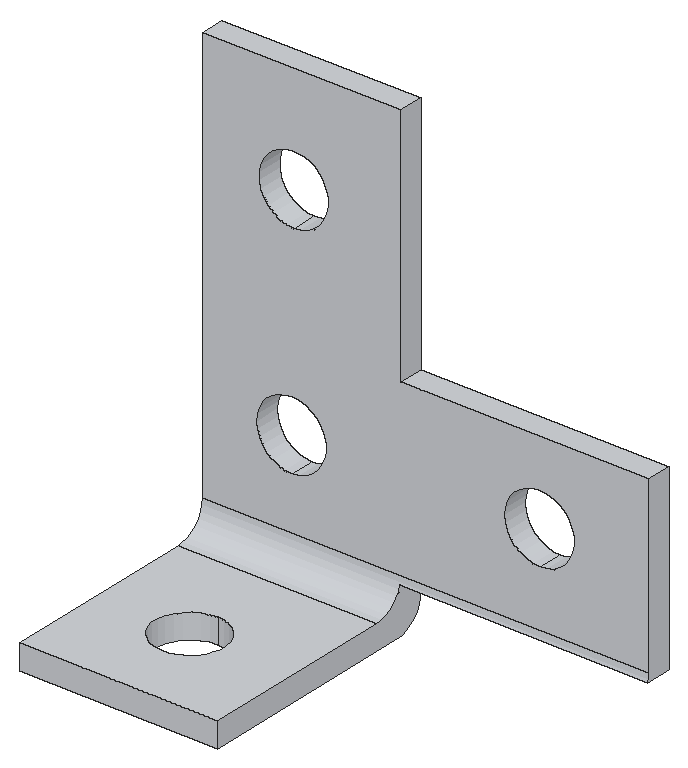
Revit family "MP13", category Generic Models, Revit 2017
Family settings
  Can host rebar = No
  Round Connector Dimension = Use Diameter
  Part Type = Normal
  Work Plane-Based = Yes
  Always vertical = No
  Cut with Voids When Loaded = No
  Shared = No
  Room Calculation Point = No
Parameters (values of type "NBS Standard Parameters")
  Weight = "0.36Kg"
  WarrantyStartDate [instance] = "1900-12-31T23:59:59"
  WarrantyGuarantorParts = "n/a"
  WarrantyGuarantorLabor = "n/a"
  WarrantyDurationUnit = "1 year"
  WarrantyDurationParts = "n/a"
  WarrantyDurationLabor = "n/a"
  WarrantyDescription = "n/a"
  Version = "1"
  Uniclass2 = "Pr_65_70_11_19"
  TagNumber [instance] = "n/a"
  SustainabilityPerformance = "n/a"
  Size = "90 Degree"
  Shape = "Angle"
  SerialNumber [instance] = "n/a"
  Revision = "n/a"
  ReplacementCost = "n/a"
  ProductInformation = "www.metpro.co.uk/pdf/mp13.pdf"
  NominalWidth = 90 mm
  NominalLength = 80 mm
  NominalHeight = 50 mm
  Name = ""
  NBSTypeID = ""
  NBSReference = "90-55-10/305"
  NBSOfficeMasterTag = ""
  NBSNote = ""
  NBSDescription = "Channnel Cable Supports"
  NBSCertification = ""
  ModelReference = "MP13"
  ModelNumber = "n/a"
  Material = "Steel"
  ManufacturerURL = "www.metpro.co.uk"
  ManufacturerName = "Metpro LTd"
  Keynote = "Compliant to LU standards 1-085"
  InstallationDate [instance] = "1900-12-31T23:59:59"
  IfcExportType = ""
  IfcExportAs = ""
  Grade = "n/a"
  Finish = "Hot Dipped Galvanised"
  Features = "n/a"
  ExpectedLife = "n/a"
  DurationUnit = "year"
  Description = "MP13 - LHT Corner Bracket"
  Default Elevation = 1219.2 mm
  Constituents = "n/a"
  Color = "n/a"
  CodePerformance = "n/a"
  Category = "n/a"
  BarCode [instance] = "n/a"
  BIMObjectName = "metpro_metprolibrary_Channelcablesupports_channelbracket"
  Author = "Metpro Ltd"
  AssetType = ""
  AssetIdentifier [instance] = "n/a"
  AccessibilityPerformance = "n/a"
Reference planes
  plane 1 "Center (Front/Back)": y = 0
  plane 2: z = 0
  plane 3 "Center (Left/Right)": x = 0
Forms (mm)
  Extrusion 1, solid
    sketch origin (-358.226, 537.115, 45.648) x (0, 0, -1) y (0, 1, 0)
      loop
        line (-46.852, 0) -> (-46.852, -5) -> (37.148, -5)
        arc (37.148, -5) -> (41.391, -6.757) -> (43.148, -11) r 6
        line (43.148, -11) -> (43.148, -51) -> (48.148, -51) -> (48.148, -6)
        arc (48.148, -6) -> (46.391, -1.757) -> (42.148, 0) r 6
        line (42.148, 0) -> (-46.852, 0)
    from 0 to 90
  Extrusion 2, void
    sketch origin (-358.226, 534.616, 2.5) x (1, 0, 0) y (0, -1, 0)
      loop
        circle (19.117, 29.59) r 7
    from 0 to 5
  Extrusion 3, void
    sketch origin (-358.226, 532.115, 2.5) x (0, 0, -1) y (-1, 0, 0)
      loop
        line (-41, -90) -> (-41, -40) -> (-90, -40) -> (-90, -90) -> (-41, -90)
      loop
        circle (-68.137, -18.506) r 7
      loop
        circle (-23.641, -18.014) r 7
      loop
        circle (-24.334, -67.996) r 7
    from 0 to 5
  Extrusion 4, void
    sketch origin (-358.226, 537.115, 45.648) x (0, 0, 1) y (-1, 0, 0)
      loop
        line (-38.778, -90) -> (-38.778, -40) -> (-48.148, -40) -> (-48.148, -90) -> (-38.778, -90)
    from 0 to 51
Cuts and joins
  Extrusion 2, Extrusion 3, Extrusion 4 cuts Extrusion 1
Dimensions and locks
  aligned and locked: level to plane 2
  aligned and locked: Extrusion 1 to Extrusion 3
  aligned and locked: Extrusion 4 to Extrusion 1
  aligned and locked: Extrusion 2 to Extrusion 1
